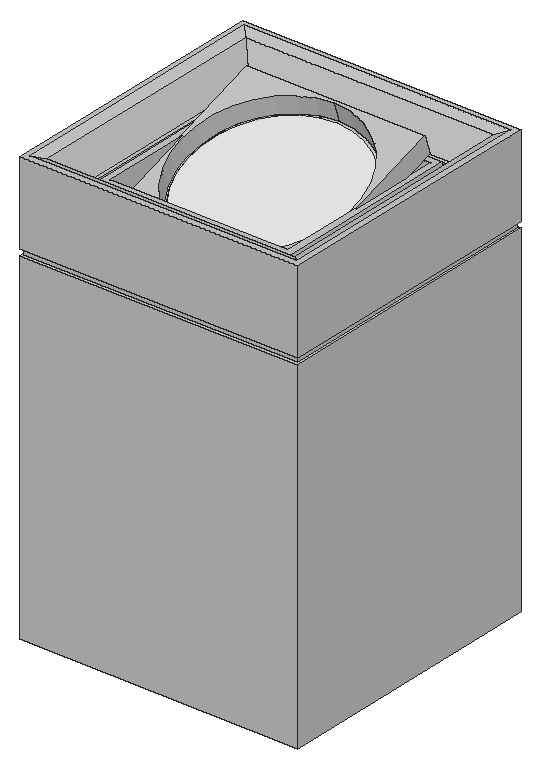
Revit family "Lighting-Luminii-Leto_44_Plus_S_A_MID new", category Lighting Fixtures, host Face, Revit 2020
Family settings
  Host = Face
  Round Connector Dimension = Use Diameter
  Part Type = Normal
  OmniClass Number = 23.80.70.11.14.11
  OmniClass Title = Downlights
  Cut with Voids When Loaded = No
  Light Source = Yes
  Shared = Yes
  Room Calculation Point = No
Parameters (values of type "Leto 44 Plus S A MID")
  Width = 0' - 5 73/128"  # constant formula
  Wattage Comments = "6.5W"
  Wattage = 6.49954 W
  Warranty URL = "https://www.luminii.com/terms-conditions/"
  built-in parameter 1150110 = 1 (stored number, unit not read)
  Voltage Comments = "120V | 277V | 347V"  # constant formula
  Voltage = 120 V
  Version = "2020 - v1.0a"  # constant formula
  URL = "https://www.luminii.com/"
  built-in parameter 1114217 = 1 (stored number, unit not read)
  Tilt Angle = -90.00°  # constant formula
  built-in parameter 1150109 = 1 (stored number, unit not read)
  built-in parameter 1150134 = (empty or 0)
  built-in parameter 1150113 = 1 (stored number, unit not read)
  Support Phone = "224-699-9545"  # constant formula
  Support Email = "mailto:support@bimsmith.com"
  Product Page URL = "https://www.luminii.com/product/leto-44-plus-s-a-mid/"
  Power Source Type = "Driver"  # constant formula
  Power Factor = 1
  Photometric Web File = "708A-A90-618-35-10-DL.ies"
  Phase = 1
  Operating Temperature = "Consult Manufacturer Website for more Information"  # constant formula
  Number of Poles = if(and(or(Voltage = 120 V, Voltage = 277 V), Phase = 1), 1, if(and(or(Voltage = 208 V, Voltage = 240 V), Phase = 1), 2, if(and(or(Voltage = 208 V, Voltage = 240 V), Phase = 3), 3, if(and(Voltage > 300 V, Phase = 1), 2, if(and(Voltage > 400 V, Phase = 3), 3, 1)))))  # 1
  Mounting Method = "Ceiling Mount"  # constant formula
  Model = "708A"  # constant formula
  Manufacturer Phone Number = "403-216-7043"  # constant formula
  Manufacturer Email = "mailto: info@sensolighting.com"
  Manufacturer Address = "302 50 Ave SE. Calgary, Alberta, T2G 2A9 Canada"  # constant formula
  Manufacturer = "Luminii"  # constant formula
  built-in parameter 1150105 = 55.704 (stored number, unit not read)
  Lumens = 700 lm
  Luminaire Type = "Surface Mount Asymmetric LED Downlight"  # constant formula
  built-in parameter 1150115 = 1 (stored number, unit not read)
  Load Classification = Lighting
  built-in parameter 1150137 = (empty or 0)
  built-in parameter 1150139 = (empty or 0)
  Lens Material = Plastic - Luminii - Frosted Lens
  built-in parameter 1150112 = 1 (stored number, unit not read)
  built-in parameter 1150114 = 1 (stored number, unit not read)
  Lamp Life = 1
  Lamp = "LED"  # constant formula
  Keynote = "26 50 00"
  built-in parameter 1150132 = 2
  built-in parameter 1150102 = (empty or 0)
  built-in parameter 1150107 = 3500 (stored number, unit not read)
  Initial Color Comments = "Perfomance based on 3500K Photometric Web File"  # constant formula
  built-in parameter 1150138 = (empty or 0)
  built-in parameter 1150106 = 0.55704 (stored number, unit not read)
  Housing Protection Rating = "Consult Manufacturer Website for more Information"  # constant formula
  Height = 0' - 8 169/256"  # constant formula
  Has Dimming = 1 = 1  # yes
  Has Battery Backup = 0 = 1  # no
  Frequency Comments = ""  # constant formula
  Frequency = 60 Hz
  Finish = Metal - Luminii - Silver Anodized Aluminum
  Environment = "Indoor"  # constant formula
  built-in parameter 1150104 = 10.006 (stored number, unit not read)
  Dimming Type = "Consult Manufacturer Website for more Information"  # constant formula
  Dimming Lamp Color Temperature Shift = <None>
  Description = "Surface Mount Asymmetric LED Downlight"  # constant formula
  Depth = 0' - 5 73/128"  # constant formula
  Default Elevation = 0' - 0"  # constant formula
  Current Amps = 50 A
  Copyright = "©2024 Luminii"  # constant formula
  Control Zone = "Consult Manufacturer Website for more Information"  # constant formula
  Control Type = "Consult Manufacturer Website for more Information"  # constant formula
  Constraints = 1  # constant formula
  Color Filter = 16777215
  built-in parameter 1114216 [instance] = 0  # (empty or 0)
  Canopy Finish = Metal - Luminii - Silver Anodized Aluminum
  built-in parameter 1140040 [instance] = 1 = 1  # 1
  CCT = "3500K"
  C Canopy Offset [instance] = 0' - 2 9/32"  # constant formula
  built-in parameter 1114218 = 1 (stored number, unit not read)
  built-in parameter 1150133 = 10 (stored number, unit not read)
  Assembly Code = "D5020200"
  Apparent Load = Wattage / Power Factor  # 6.49954 VA
Reference planes (in)
  plane 1 "Center (Front/Back)": y = 0
  plane 2: z = 0
  plane 3 "Center (Left/Right)": x = 0
  plane 4: x = 0
  plane 5: x = 0
  plane 6: y = 3.70117
  plane 7: y = -1.86914
  plane 8 "A": z = 0
  plane 9: z = 8.66016
Forms (in)
  Extrusion 1, solid, material "Metal - Luminii - Silver Anodized Aluminum", not visible
    sketch origin (0, 0, 0) x (1, 0, 0) y (0, 1, 0)
      loop
        circle (0, 0) r 0.5
    from 0 to -0.17225
Dimensions and locks (in)
  equal spacing: plane 4, plane 3 "Center (Left/Right)", plane 5
  plane 6 to plane 1 "Center (Front/Back)" to plane 7 = 0' - 3.70117", 0' - 1.86914"
  plane 4 to plane 5 = 0' - 0"
  "Width": plane 6 to plane 7
  "Height": plane 9 to plane 8 "A"
  locked: plane 9 to imposter light at 0.89373
  plane 9 to plane 8 "A" = 0' - 8 169/256"
  nested 1 to nested 1 = 0' - 5.57087"
  aligned and locked: plane 2 to host face
  aligned and locked: plane 3 "Center (Left/Right)" to Extrusion 1 sketch curve
  aligned and locked: plane 1 "Center (Front/Back)" to Extrusion 1 sketch curve
  aligned and locked: plane 2 to Extrusion 1  (x2)
  aligned and locked: imposter light to plane 3 "Center (Left/Right)"
  aligned and locked: imposter light to plane 1 "Center (Front/Back)"
  aligned and locked: plane 3 "Center (Left/Right)" to nested 1
  aligned and locked: plane 1 "Center (Front/Back)" to nested 1
  aligned and locked: host face to plane 8 "A"
Automatic sketch dimensions
  host sketch curve to host sketch curve = 8' - 0"  (x2)
  radius of Extrusion 1 sketch curve = 0' - 0 1/2"
Nested families (in)
  nested 1: "Nested - Lamp" at (0, 0, 0), type "Nested - Lamp"
Connectors (in)
  electrical at (0, 0, 0), driven by "Number of Poles", driven by "Load Classification", driven by "Voltage", driven by "Apparent Load", driven by "Power Factor"
    settings: on Extrusion 1, index 1, voltage 120 V, apparent load 6.49954 VA, apparent load phase1 0 VA, apparent load phase2 0 VA, apparent load phase3 0 VA, power factor 1, load classification "Lighting", number of poles 1, system type 30, power factor state 1, is connector primary yes, connector utility no, sub classification motor no, connector description "Power Connection"
Definition of nested family "Nested - Lamp"
  Parameters (values of type "Nested - Lamp")
    Width = 0' - 5.57087"  # constant formula
    Screen Material = none
    Inner Screen = none
    Height = 0' - 6.49606"  # constant formula
    Finish = none
    Default Elevation = 4' - 0"
    Constraint = 3
  Reference planes (in)
    plane 1 "Center (Front/Back)": y = 0
    plane 2: z = 0
    plane 3 "Center (Left/Right)": x = 0
    plane 4: y = 2.78543
    plane 5: y = -2.78543
    plane 6: x = -2.78543
    plane 7: x = 2.78543
  Forms (in)
    Extrusion 1, solid
      sketch origin (0, 0, 0) x (1, 0, 0) y (0, 1, 0)
        loop
          line (-48, 48) -> (-48, -48) -> (48, -48) -> (48, 48) -> (-48, 48)
      from 0 to -12
    Sweep 2, solid, material <- "Finish", detail levels medium+fine
      path origin (-0.03362, 1.25, 6.49606) x (0, 1, 0) y (-1, 0, 0)
        loop
          line (1.53543, -2.81906) -> (1.53543, 2.75181) -> (-4.03543, 2.75181) -> (-4.03543, -2.81906) -> (1.53543, -2.81906)
      profile origin (2.78543, 0, 6.49606) x (1, 0, 0) y (0, 0, 1)
        loop
          line (0, -6.49606) -> (0, 0.3937) -> (-0.04724, 0.3937) -> (-0.04724, 0.51181) -> (0, 0.51181) -> (0, 2.16535) -> (-0.10635, 2.16535) -> (-0.30013, 2.09482) -> (-0.62144, 1.53543) -> (-0.71063, 1.53543) -> (-0.7348, 1.25917)
          arc (-0.7348, 1.25917) -> (-0.77582, 1.21815) -> (-0.81683, 1.25917) r 0.04102
          line (-0.81683, 1.25917) -> (-0.87226, 1.65354) -> (-0.99999, 1.65354) -> (-0.99999, 1.03136) -> (-0.21654, 1.03136) -> (-0.21654, -6.29921) -> (-0.07874, -6.29921) -> (-0.07874, -6.49606) -> (0, -6.49606)
    Extrusion 3, solid, material <- "Screen Material"
      sketch origin (0, 0.10595, 7.62634) x (1, 0, 0) y (0, 0.951057, 0.309017)
        loop
          circle (0, 0) r 1.68742
      from 0.14567 to 0.15757
    Extrusion 4, solid, material <- "Finish"
      sketch origin (1.59205, 1.89421, 7.27461) x (0, -0.951057, -0.309017) y (1, 0, 0)
        loop
          circle (1.59205, -1.59205) r 1.73767
        loop
          line (-0.19339, -3.37749) -> (3.37749, -3.37749) -> (3.37749, 0.19339) -> (-0.19339, 0.19339) -> (-0.19339, -3.37749)
      from 1.03279 to 1.42717
    Extrusion 5, solid, material <- "Finish"
      sketch origin (1.59205, 1.42603, 8.71553) x (0, -0.951057, -0.309017) y (1, 0, 0)
        loop
          circle (1.59205, -1.59205) r 1.73767
      from -0.48228 to -0.62795
    Extrusion 6, solid, material <- "Finish"
      sketch origin (-0.03362, 1.25, 8.28705) x (0, 1, 0) y (-1, 0, 0)
        loop
          line (-3.97638, -2.76) -> (1.47638, -2.76) -> (1.47638, 2.69275) -> (-3.97638, 2.69275) -> (-3.97638, -2.76)
        loop
          line (-3.02788, -0.34859) -> (-1.87992, -0.34859)
          arc (-1.87992, -0.34859) -> (-1.65721, -0.44084) -> (-1.56496, -0.66355) r 0.31496
          line (-1.56496, -0.66355) -> (-1.56496, -1.80493)
          arc (-1.56496, -1.80493) -> (-1.25, -2.11989) -> (-0.93504, -1.80493) r 0.31496
          line (-0.93504, -1.80493) -> (-0.93504, -0.66355)
          arc (-0.93504, -0.66355) -> (-0.84279, -0.44084) -> (-0.62008, -0.34859) r 0.31496
          line (-0.62008, -0.34859) -> (0.5213, -0.34859)
          arc (0.5213, -0.34859) -> (0.83626, -0.03362) -> (0.5213, 0.28134) r 0.31496
          line (0.5213, 0.28134) -> (-0.62008, 0.28134)
          arc (-0.62008, 0.28134) -> (-0.84279, 0.37359) -> (-0.93504, 0.5963) r 0.31496
          line (-0.93504, 0.5963) -> (-0.93504, 1.74425)
          arc (-0.93504, 1.74425) -> (-1.25, 2.05921) -> (-1.56496, 1.74425) r 0.31496
          line (-1.56496, 1.74425) -> (-1.56496, 0.5963)
          arc (-1.56496, 0.5963) -> (-1.65721, 0.37359) -> (-1.87992, 0.28134) r 0.31496
          line (-1.87992, 0.28134) -> (-3.02788, 0.28134)
          arc (-3.02788, 0.28134) -> (-3.34284, -0.03362) -> (-3.02788, -0.34859) r 0.31496
      from -8.1649 to -8.0902
    Extrusion 7, solid, material <- "Finish"
      sketch origin (-0.03362, 1.25, 8.28705) x (0, 1, 0) y (-1, 0, 0)
        loop
          line (-3.97638, -2.76) -> (1.47638, -2.76) -> (1.47638, 2.69275) -> (-3.97638, 2.69275) -> (-3.97638, -2.76)
        loop
          arc (-2.46239, 0.53411) -> (-2.58874, -0.03362) -> (-2.46239, -0.60136) r 1.33874
          arc (-2.46239, -0.60136) -> (-2.3038, -0.65359) -> (-2.2511, -0.49516) r 0.11824
          arc (-2.2511, -0.49516) -> (-2.35236, -0.03034) -> (-2.24833, 0.43387) r 1.10236
          arc (-2.24833, 0.43387) -> (-2.30676, 0.58778) -> (-2.46239, 0.53411) r 0.11824
        loop
          arc (-0.03761, 0.53411) -> (-0.19324, 0.58778) -> (-0.25167, 0.43387) r 0.11824
          arc (-0.25167, 0.43387) -> (-0.14764, -0.03034) -> (-0.2489, -0.49516) r 1.10236
          arc (-0.2489, -0.49516) -> (-0.1962, -0.65359) -> (-0.03761, -0.60136) r 0.11824
          arc (-0.03761, -0.60136) -> (0.08874, -0.03362) -> (-0.03761, 0.53411) r 1.33874
        loop
          arc (-0.68227, -1.24602) -> (-0.6286, -1.09038) -> (-0.78251, -1.03195) r 0.11824
          arc (-0.78251, -1.03195) -> (-1.24671, -1.13598) -> (-1.71153, -1.03472) r 1.10236
          arc (-1.71153, -1.03472) -> (-1.86997, -1.08742) -> (-1.81773, -1.24602) r 0.11824
          arc (-1.81773, -1.24602) -> (-1.25, -1.37236) -> (-0.68227, -1.24602) r 1.33874
        loop
          arc (-0.68227, 1.17877) -> (-1.25, 1.30511) -> (-1.81773, 1.17877) r 1.33874
          arc (-1.81773, 1.17877) -> (-1.86997, 1.02017) -> (-1.71153, 0.96747) r 0.11824
          arc (-1.71153, 0.96747) -> (-1.24671, 1.06873) -> (-0.78251, 0.9647) r 1.10236
          arc (-0.78251, 0.9647) -> (-0.6286, 1.02313) -> (-0.68227, 1.17877) r 0.11824
      from -7.81461 to -7.75481
    Sweep 8, solid, material <- "Finish", detail levels coarse
      path origin (-0.03362, 1.25, 6.49606) x (0, 1, 0) y (-1, 0, 0)
        loop
          line (1.53543, -2.81906) -> (1.53543, 2.75181) -> (-4.03543, 2.75181) -> (-4.03543, -2.81906) -> (1.53543, -2.81906)
      profile origin (2.78543, 0, 6.49606) x (1, 0, 0) y (0, 0, 1)
        loop
          line (0, -6.49606) -> (0, 2.16535) -> (-0.10635, 2.16535) -> (-0.30013, 2.09482) -> (-0.5536, 1.65354) -> (-0.99999, 1.65354) -> (-0.99999, 1.03136) -> (-0.21654, 1.03136) -> (-0.21654, -6.29921) -> (-0.07874, -6.29921) -> (-0.07874, -6.49606) -> (0, -6.49606)
    Extrusion 9, solid
      sketch origin (-0.03362, 1.25, 0.47244) x (-1, 0, 0) y (0, 1, 0)
        loop
          circle (-0.94898, 0.84646) r 0.23
      from 0 to 0.05
  Lines and regions (in)
    reference lines
      curve 1: line (0, 0.19685, 7.95242) -> (0, -0.19685, 7.95242)
  Dimensions and locks (in)
    equal spacing: plane 4, plane 1 "Center (Front/Back)", plane 5
    "Width": plane 4 to plane 5
    equal spacing: plane 6, plane 3 "Center (Left/Right)", plane 7
    "Width": plane 6 to plane 7
    aligned and locked: plane 2 to Extrusion 1
    aligned and locked: level to Extrusion 1
    aligned and locked: Sweep 2 sketch curve to plane 7
    aligned and locked: Sweep 2 sketch curve to plane 6
    aligned and locked: Sweep 2 sketch curve to plane 4
    aligned and locked: Sweep 2 sketch curve to plane 5
  Automatic sketch dimensions
    Extrusion 1 sketch curve to Extrusion 1 sketch curve = 8' - 0"  (x2)
    profile plane to Sweep 2 sketch curve = 0' - 0"  (x2)
    Sweep 2 sketch curve to Sweep 2 sketch curve = 0' - 0.04724"
    Sweep 2 sketch curve to Sweep 2 sketch curve = 0' - 0.07874"
    profile plane to Sweep 2 sketch curve = 0' - 0.10635"
    Sweep 2 sketch curve to Sweep 2 sketch curve = 0' - 0.1378"
    Sweep 2 sketch curve to Sweep 2 sketch curve = 0' - 0.19378"
    profile plane to Sweep 2 sketch curve = 0' - 0.62144"
    Sweep 2 sketch curve to Sweep 2 sketch curve = 0' - 0.08919"
    Sweep 2 sketch curve to Sweep 2 sketch curve = 0' - 0.02417"
    Sweep 2 sketch curve to Sweep 2 sketch curve = 0' - 0.04102"
    Sweep 2 sketch curve to Sweep 2 sketch curve = 0' - 0.16163"
    Sweep 2 sketch curve to Sweep 2 sketch curve = 0' - 0.18316"
    Sweep 2 sketch curve to profile plane = 0' - 6.49606"
    Sweep 2 sketch curve to Sweep 2 sketch curve = 0' - 0.19685"
    profile plane to Sweep 2 sketch curve = 0' - 0.3937"
    Sweep 2 sketch curve to Sweep 2 sketch curve = 0' - 0.11811"  (x2)
    profile plane to Sweep 2 sketch curve = 0' - 1.03136"
    Sweep 2 sketch curve to Sweep 2 sketch curve = 0' - 0.22781"
    Sweep 2 sketch curve to Sweep 2 sketch curve = 0' - 0.27626"
    Sweep 2 sketch curve to Sweep 2 sketch curve = 0' - 0.55939"
    Sweep 2 sketch curve to Sweep 2 sketch curve = 0' - 0.07053"
    Extrusion 6 sketch curve to plane 3 "Center (Left/Right)" = 0' - 0"  (x2)
    plane 1 "Center (Front/Back)" to Extrusion 6 sketch curve = 0' - 0"  (x2)
    Extrusion 6 sketch curve to Extrusion 6 sketch curve = 0' - 0.31496"  (x5)
    plane 1 "Center (Front/Back)" to Extrusion 6 sketch curve = 0' - 0.31496"
    Extrusion 6 sketch curve to plane 3 "Center (Left/Right)" = 0' - 0.31496"  (x2)
    Extrusion 6 sketch curve to plane 5 = 0' - 1.00756"
    Extrusion 6 sketch curve to plane 5 = 0' - 0.05906"
    Extrusion 6 sketch curve to plane 4 = 0' - 1.01413"
    Extrusion 6 sketch curve to plane 4 = 0' - 0.05906"
    Extrusion 6 sketch curve to plane 7 = 0' - 1.01413"
    Extrusion 6 sketch curve to plane 7 = 0' - 0.05906"
    Extrusion 6 sketch curve to plane 6 = 0' - 1.00756"
    Extrusion 6 sketch curve to plane 6 = 0' - 0.05906"
    Extrusion 7 sketch curve to Extrusion 7 sketch curve = 0' - 0"  (x56)
    plane 1 "Center (Front/Back)" to Extrusion 7 sketch curve = 0' - 0"
    Extrusion 7 sketch curve to plane 3 "Center (Left/Right)" = 0' - 0"
    plane 1 "Center (Front/Back)" to Extrusion 7 sketch curve = 0' - 0.51432"  (x2)
    Extrusion 7 sketch curve to plane 3 "Center (Left/Right)" = 0' - 0.51432"  (x2)
    Extrusion 7 sketch curve to Extrusion 7 sketch curve = 0' - 0.59258"  (x8)
    plane 3 "Center (Left/Right)" to Extrusion 7 sketch curve = 0' - 0.51432"  (x2)
    Extrusion 7 sketch curve to plane 5 = 0' - 0.05906"
    Extrusion 7 sketch curve to plane 1 "Center (Front/Back)" = 0' - 0.51432"  (x2)
    Extrusion 7 sketch curve to plane 4 = 0' - 0.05906"
    Extrusion 7 sketch curve to plane 7 = 0' - 0.05906"
    Extrusion 7 sketch curve to plane 6 = 0' - 0.05906"
    Extrusion 7 sketch curve to Extrusion 7 sketch curve = 0' - 0.05279"  (x2)
    Extrusion 7 sketch curve to Extrusion 7 sketch curve = 0' - 0.05342"  (x4)
    Extrusion 7 sketch curve to Extrusion 7 sketch curve = 0' - 0.10858"  (x2)
    Extrusion 7 sketch curve to Extrusion 7 sketch curve = 0' - 0.10581"  (x2)
    Extrusion 7 sketch curve to Extrusion 7 sketch curve = 0' - 0.10549"  (x4)
    Extrusion 7 sketch curve to Extrusion 7 sketch curve = 0' - 0.04683"  (x2)
    plane 5 to Sweep 8 sketch curve = 0' - 0"
    Sweep 8 sketch curve to plane 4 = 0' - 0"
    Sweep 8 sketch curve to plane 7 = 0' - 0"
    Sweep 8 sketch curve to plane 6 = 0' - 0"
    profile plane to Sweep 8 sketch curve = 0' - 0"
    profile plane to Sweep 8 sketch curve = 0' - 0.07874"
    Sweep 8 sketch curve to Sweep 8 sketch curve = 0' - 0.10635"
    Sweep 8 sketch curve to Sweep 8 sketch curve = 0' - 0.1378"
    Sweep 8 sketch curve to Sweep 8 sketch curve = 0' - 0.19378"
    Sweep 8 sketch curve to Sweep 8 sketch curve = 0' - 0.25347"
    Sweep 8 sketch curve to Sweep 8 sketch curve = 0' - 0.44639"
    Sweep 8 sketch curve to profile plane = 0' - 6.49606"
    Sweep 8 sketch curve to Sweep 8 sketch curve = 0' - 0.19685"
    profile plane to Sweep 8 sketch curve = 0' - 1.03136"
    Sweep 8 sketch curve to Sweep 8 sketch curve = 0' - 0.62218"
    Sweep 8 sketch curve to Sweep 8 sketch curve = 0' - 0.44128"
    Sweep 8 sketch curve to Sweep 8 sketch curve = 0' - 0.07053"
    Extrusion 7 to Extrusion 9 sketch curve = 0' - 0.62992"
    Extrusion 7 to Extrusion 9 sketch curve = 0' - 1.81102"
    plane 1 "Center (Front/Back)" to curve 1 = 0' - 0.19685"
    level to curve 1 = 0' - 7.95242"
    curve 1 to plane 1 "Center (Front/Back)" = 0' - 0.19685"
    Extrusion 3 sketch curve to plane 3 "Center (Left/Right)" = 0' - 0"
    Extrusion 4 sketch curve to plane 3 "Center (Left/Right)" = 0' - 0"
    Extrusion 4 sketch curve to plane 6 = 0' - 1"
    Extrusion 4 sketch curve to Extrusion 4 sketch curve = 0' - 1.78544"  (x2)
    Extrusion 4 sketch curve to plane 7 = 0' - 1"
    Extrusion 5 sketch curve to plane 3 "Center (Left/Right)" = 0' - 0"
    radius of Extrusion 9 sketch curve = 0' - 0.23"
    radius of Extrusion 3 sketch curve = 0' - 1.68742"
    radius of Extrusion 4 sketch curve = 0' - 1.73767"
    radius of Extrusion 5 sketch curve = 0' - 1.73767"
